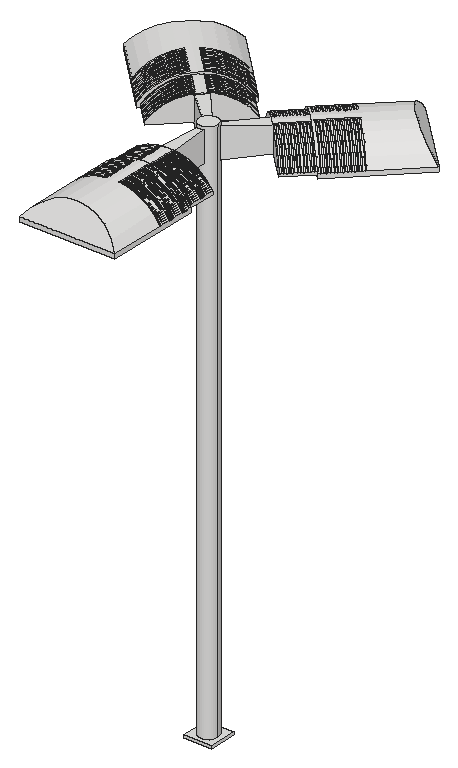
Revit family "ARX25-main", category Lighting Fixtures, host Face, Revit 2012
Parameters (values of type "Platinum Silver")
  Voltage = 120 V
  URL = "http://www.kimlighting.com/"
  Straight Arm [instance] = yes
  Product Page URL = "http://www.kimlighting.com/products/archetype_x_sitearea"
  Product Documentation Link = "http://cdn.kimlighting.com/content/products/specs/specs_files/kl_arx09_lens_spec.pdf"
  Pole Mounting [instance] = ARX25-Pole : 3SY
  Photometry = "http://www.kimlighting.com/design-tools/ies-library/?query=ARX25"
  Model = "ARX25"  # constant formula
  Manufacturer Phone = "(626)-968-5666"  # constant formula
  Manufacturer Fax = "(626)-369-2695"  # constant formula
  Manufacturer = "Kim Lighting"  # constant formula
  Load Classification = Lighting
  Lens [instance] = yes
  Lamp = "150 LED Lamp"  # constant formula
  Height = 10' - 0"
  Glass = Hubbell - Glass
  Finish = Hubbell - Platinum Silver
  Description = "ArcheType X Site/Area"  # constant formula
  Default Elevation = 4' - 0"
  Connector Description = "Lighting Connector"  # constant formula
  Apparent Load = 0 VA
Types (7): name | Straight Arm | Product Documentation Link | Pole Mounting | Finish
  (no name) | yes | "http://cdn.kimlighting.com/content/products/specs/specs_files/kl_arx09_lens_spec.pdf" | ARX25-Pole : 3SY | Hubbell - Platinum Silver
  Black | yes | "http://cdn.kimlighting.com/content/products/specs/specs_files/kl_arx09_lens_spec.pdf" | ARX25-Pole : 3SY | Hubbell - Black
  Dark Bronze | yes | "http://cdn.kimlighting.com/content/products/specs/specs_files/kl_arx09_lens_spec.pdf" | ARX25-Pole : 3ST | Hubbell - Dark Bronze
  Light Gray | yes | "http://cdn.kimlighting.com/content/products/specs/specs_files/kl_arx09_lens_spec.pdf" | ARX25-Pole : 1SA | Hubbell - Light Gray
  Platinum Silver | yes | "http://cdn.kimlighting.com/content/products/specs/specs_files/kl_arx09_lens_spec.pdf" | ARX25-Pole : 3SY | Hubbell - Platinum Silver
  Titanium | yes | "http://cdn.kimlighting.com/content/products/specs/specs_files/kl_arx09_lens_spec.pdf" | ARX25-Pole : 1SA | Hubbell - Titanium
  White | no | "http://cdn.kimlighting.com/content/products/specs/specs_files/kl_arx25_lens_spec.pdf" | ARX25-Pole : 4SC | Hubbell - White
Reference planes (in)
  plane 1 "Center (Front/Back)": y = 0
  plane 2: z = 0
  plane 3 "Center (Left/Right)": x = 0
  plane 4: z = 0.5
  plane 5: z = 120
Dimensions and locks (in)
  locked: host sketch curve to host sketch curve at 48  (x2)
  equal spacing: host sketch curve, plane 3 "Center (Left/Right)", host sketch curve
  equal spacing: host sketch curve, plane 1 "Center (Front/Back)", host sketch curve
  plane 3 "Center (Left/Right)" to host sketch curve = 2' - 0"
  plane 1 "Center (Front/Back)" to host sketch curve = 2' - 0"
  locked: plane 4 to plane 2 at 0.5
  "Height": plane 5 to plane 2
  aligned and locked: plane 2 to host face
  aligned and locked: level to host face
  aligned and locked: nested 1 to plane 3 "Center (Left/Right)"
  aligned and locked: nested 1 to plane 1 "Center (Front/Back)"
Nested families (in)
  nested 1: "ARX25-Pole" at (0, 0, 0), Height <- "Height", type <- "Pole Mounting", Finish <- "Finish", Glass <- "Glass", type "3SY"
    with Height 10' - 0", Glass Hubbell - Glass, Finish Hubbell - Platinum Silver
Connectors (in)
  electrical at (0, 0, 120), driven by "Load Classification", driven by "Voltage", driven by "Apparent Load", driven by "Connector Description"
    settings: on nested 1, index 1, voltage 120 V, apparent load 0 VA, apparent load phase1 0 VA, apparent load phase2 0 VA, apparent load phase3 0 VA, power factor 1, load classification "Lighting", number of poles 1, system type 30, power factor state 1, is connector primary yes, connector utility no, sub classification motor no, connector description "Lighting Connector"
Definition of nested family "ARX25-Pole"
  Parameters (values of type "1SA")
    Voltage = 120 V
    URL = ""
    Straight Arm = no
    Model = ""
    Manufacturer = ""
    Lens = yes
    Lamp-6 = no
    Lamp-5 = no
    Lamp-4 = no
    Lamp-3 = no
    Lamp-2 = no
    Lamp-1 = yes
    Lamp = "LED Lamp"
    Height [instance] = 8' - 0"
    Glass [instance] = Hubbell - Glass
    Finish [instance] = none
    Description = ""
    Default Elevation = 4' - 0"
    Apparent Load = 0 VA
  Types (6): name | Straight Arm | Lamp-6 | Lamp-5 | Lamp-4 | Lamp-3 | Lamp-2 | Lamp-1 | Finish
    1SA | no | no | no | no | no | no | yes | none
    2SB | yes | no | no | no | yes | no | yes | none
    2SL | yes | no | no | no | no | yes | yes | none
    3ST | yes | no | no | no | yes | yes | yes | Hubbell - Black
    3SY | yes | yes | yes | no | yes | no | no | none
    4SC | yes | no | no | yes | yes | yes | yes | none
  Reference planes (in)
    plane 1 "Center (Front/Back)": y = 0
    plane 2: z = 0
    plane 3 "Center (Left/Right)": x = 0
    plane 4: z = 0.5
    plane 5: y = 3
    plane 6: y = -3
    plane 7: x = -3
    plane 8: x = 3
    plane 9: x = 2
    plane 10: x = -2
    plane 11: y = 2
    plane 12: y = -2
    plane 13: z = 96
    plane 14: through (3.52609, 6.35436, 180) normal (0.7071, -0.7071, 0)
    plane 15: through (-3.52609, 6.35436, 180) normal (0.7071, 0.7071, 0)
    plane 16: through (-3.34644, 3.36386, 180) normal (0.7071, 0.7071, 0)
    plane 17: through (3.34644, 3.36386, 180) normal (0.7071, -0.7071, 0)
  Forms (in)
    Extrusion 1, solid
      sketch origin (0, 0, 0) x (1, 0, 0) y (0, 1, 0)
        loop
          line (-24, 24) -> (-24, -24) -> (24, -24) -> (24, 24) -> (-24, 24)
      from 0 to -1.5
    Extrusion 2, solid, material <- "Finish"
      sketch origin (0, 0, 0) x (1, 0, 0) y (0, 1, 0)
        loop
          line (-3, 3) -> (-3, -3) -> (3, -3) -> (3, 3) -> (-3, 3)
      from 0 to 0.5
    Extrusion 3, solid, material <- "Finish"
      sketch origin (0, 0, 0) x (1, 0, 0) y (0, 1, 0)
        loop
          circle (0, 0) r 2
      from 0 to 96
  Cuts and joins
    joined: Extrusion 2, Extrusion 3
  Dimensions and locks (in)
    locked: Extrusion 1 sketch curve to Extrusion 1 sketch curve at 48  (x2)
    equal spacing: Extrusion 1 sketch curve, plane 3 "Center (Left/Right)", Extrusion 1 sketch curve
    equal spacing: Extrusion 1 sketch curve, plane 1 "Center (Front/Back)", Extrusion 1 sketch curve
    plane 3 "Center (Left/Right)" to Extrusion 1 sketch curve = 2' - 0"
    plane 1 "Center (Front/Back)" to Extrusion 1 sketch curve = 2' - 0"
    locked: plane 4 to plane 2 at 0.5
    equal spacing: plane 7, plane 3 "Center (Left/Right)", plane 8
    locked: plane 7 to plane 8 at 6
    equal spacing: plane 5, plane 1 "Center (Front/Back)", plane 6
    locked: plane 5 to plane 6 at 6
    locked: plane 5 to plane 11 at 1
    equal spacing: plane 11, plane 1 "Center (Front/Back)", plane 12
    plane 11 to plane 12 = 0' - 4"
    equal spacing: plane 10, plane 3 "Center (Left/Right)", plane 9
    locked: plane 7 to plane 10 at 1
    "Height": plane 13 to plane 2
    aligned and locked: plane 2 to Extrusion 1
    aligned and locked: level to Extrusion 1
    aligned and locked: Extrusion 2 sketch curve to plane 5
    aligned and locked: plane 7 to Extrusion 2 sketch curve
    aligned and locked: plane 6 to Extrusion 2 sketch curve
    aligned and locked: Extrusion 2 sketch curve to plane 8
    aligned and locked: plane 4 to Extrusion 2
    aligned and locked: plane 13 to Extrusion 3
    aligned and locked: nested 3 to plane 13
    aligned and locked: nested 1 to plane 13
    aligned and locked: nested 2 to plane 13
    aligned and locked: nested 4 to plane 13
    aligned and locked: nested 2 to plane 1 "Center (Front/Back)"
    aligned and locked: nested 4 to plane 1 "Center (Front/Back)"
    aligned and locked: plane 16 to nested 6
    aligned and locked: plane 17 to nested 5
    aligned and locked: nested 6 to plane 13
    aligned and locked: nested 5 to plane 13
  Automatic sketch dimensions
    plane 1 "Center (Front/Back)" to Extrusion 3 sketch curve = 0' - 0"
    Extrusion 3 sketch curve to plane 3 "Center (Left/Right)" = 0' - 0"
    radius of Extrusion 3 sketch curve = 0' - 2"
  Nested families (in)
    nested 1: "ARX25" at (0, 2, 96) x (-1, 0, 0) z (0, 1, 0), visible <- "Lamp-1", type "ARX25"
    nested 2: "ARX25" at (2, 0, 96) x (0, 1, 0) z (1, 0, 0), visible <- "Lamp-2", type "ARX25"
    nested 3: "ARX25" at (-0.17812, -2, 96) x (1, 0, 0) z (0, -1, 0), visible <- "Lamp-3", type "ARX25"
    nested 4: "ARX25" at (-2, 0, 96) x (0, -1, 0) z (-1, 0, 0), visible <- "Lamp-4", type "ARX25"
    nested 5: "ARX25" at (1.40542, 1.42285, 96) x (-0.7071, 0.7071, 0) z (0.7071, 0.7071, 0), visible <- "Lamp-6", type "ARX25"
    nested 6: "ARX25" at (-1.40542, 1.42285, 96) x (-0.7071, -0.7071, 0) z (-0.7071, 0.7071, 0), visible <- "Lamp-5", type "ARX25"
  Definition of nested family "ARX25"
    Parameters (values of type "ARX25")
      Wattage Comments = ""
      Wattage = 9.2903 W
      built-in parameter 1150110 = 1 (stored number, unit not read)
      Voltage = 120 V
      Upswept Arm = not(Straight Arm)  # yes
      URL = ""
      built-in parameter 1114217 = 1 (stored number, unit not read)
      Tilt Angle = -90.00°
      built-in parameter 1150109 = 1 (stored number, unit not read)
      built-in parameter 1150134 = 3
      built-in parameter 1150113 = 1 (stored number, unit not read)
      Straight Arm = no
      Photometric Web File = "arx25d1-3k45.ies"
      Overall Length = if(Straight Arm, 3' 0.1811", 3' 0.45669")  # 3' - 0.45669"
      Model = ""
      Manufacturer = ""
      built-in parameter 1150105 = 109.82 (stored number, unit not read)
      Lumens = 1380 lm
      built-in parameter 1150115 = 1 (stored number, unit not read)
      built-in parameter 1150137 = (empty or 0)
      built-in parameter 1150139 = (empty or 0)
      Lens = yes
      built-in parameter 1150112 = 1 (stored number, unit not read)
      built-in parameter 1150114 = 1 (stored number, unit not read)
      Lamp = "LED"
      built-in parameter 1150132 = (empty or 0)
      built-in parameter 1150102 = (empty or 0)
      built-in parameter 1150107 = 3200 (stored number, unit not read)
      built-in parameter 1150138 = (empty or 0)
      built-in parameter 1150106 = 1.0982 (stored number, unit not read)
      IES FILE LINK = "http://www.kimlighting.com/design-tools/ies-library/?filter[product]=1&filter[fixture]=95"
      Glass Finish = Hubbell - Glass
      Finish = none
      Emit from Rectangle Width = 1' - 7.44882"  # constant formula
      Emit from Rectangle Length = 1' - 7.44882"  # constant formula
      Emit Shape Visible in Rendering = no
      built-in parameter 1150104 = 13.8 (stored number, unit not read)
      Dimming Lamp Color Temperature Shift = (empty or 0)
      Description = ""
      Default Elevation = 0' - 0"
      Color Filter = 16777215
      built-in parameter 1114218 = 1 (stored number, unit not read)
      built-in parameter 1150133 = 10 (stored number, unit not read)
      Apparent Load = 0 VA
    Reference planes (in)
      plane 1 "Center (Front/Back)": y = 0
      plane 2: z = 0
      plane 3 "Center (Left/Right)": x = 0
      plane 4: x = -10.35433
      plane 5: x = 10.35433
      plane 6: z = 36.45669
      plane 7: z = 15.74803
      plane 8: z = 9.13386
      plane 9: y = -6.49606
      plane 10: y = -8.74016
      plane 11: x = -9.72441
      plane 12: x = 9.72441
      plane 13: y = -6.10236
      plane 14: y = -0.3937
      plane 15: z = 26.10236
    Forms (in)
      Extrusion 1, solid
        sketch origin (0, 0, 0) x (1, 0, 0) y (0, 1, 0)
          loop
            line (-48, 48) -> (-48, -48) -> (48, -48) -> (48, 48) -> (-48, 48)
        from 0 to -0.75
      Extrusion 2, solid, material <- "Finish"
        sketch origin (0, 0, 0) x (1, 0, 0) y (0, 1, 0)
          loop
            line (-10.35433, -6.49606) -> (10.35433, -6.49606) -> (10.35433, -5.51181)
            arc (10.35433, -5.51181) -> (0, 0) -> (-10.35433, -5.51181) r 12.48158
            line (-10.35433, -5.51181) -> (-10.35433, -6.49606)
        from 36.45669 to 15.74803
      Extrusion 3, solid, material <- "Finish"
        sketch origin (0, 0, 0) x (1, 0, 0) y (0, 1, 0)
          loop
            line (-9.72441, -6.10236) -> (9.72441, -6.10236) -> (9.72441, -5.51181)
            arc (9.72441, -5.51181) -> (0, -0.3937) -> (-9.72441, -5.51181) r 11.79724
            line (-9.72441, -5.51181) -> (-9.72441, -6.10236)
        from 15.74803 to 9.13386
      Blend 4, solid, material <- "Finish", visible <- "Upswept Arm"
        base sketch origin (0, 0, 0) x (1, 0, 0) y (0, 1, 0)
          loop
            line (-1.42209, -6.10236) -> (1.42209, -6.10236) -> (1.42209, -0.52399)
            arc (1.42209, -0.52399) -> (0, -0.41227) -> (-1.42209, -0.52399) r 9.10668
            line (-1.42209, -0.52399) -> (-1.42209, -6.10236)
        top sketch origin (0, 0, 0) x (1, 0, 0) y (0, 1, 0)
          loop
            line (-0.78753, -1.40418) -> (-0.78753, -8.74016) -> (0.78753, -8.74016) -> (0.78753, -1.40418) -> (-0.78753, -1.40418)
        from 9.13386 to 0
      Extrusion 5, void
        sketch origin (0, 0, 0) x (0, 1, 0) y (0, 0, 1)
          loop
            arc (-0.3937, 9.13386) -> (-1.38353, 4.50671) -> (-2.82571, 0) r 47.83088
            line (-2.82571, 0) -> (-0.3937, 0) -> (-0.3937, 9.13386)
          loop
            line (-6.10236, 9.13386) -> (-8.74016, 9.13386) -> (-8.74016, 0)
            arc (-8.74016, 0) -> (-6.54714, 4.31449) -> (-6.10236, 9.13386) r 12.87263
        from 9.72441 to -9.72441
      Extrusion 6, void
        sketch origin (0, 0, 0) x (0, 1, 0) y (0, 0, 1)
          loop
            line (-5.51181, 36.45669) -> (0, 33.6443) -> (0, 36.45669) -> (-5.51181, 36.45669)
        from 10.35433 to -10.35433
      Sweep 7, void
        path origin (0, 0, 0) x (1, 0, 0) y (0, 1, 0)
          loop
            line (-10.35433, -5.63845) -> (-10.35433, -5.51181)
            arc (-10.35433, -5.51181) -> (-6.43866, -1.78889) -> (-1.31648, -0.06962) r 12.48158
        profile origin (-10.35433, -5.57513, 0) x (-1, 0, 0) y (0, 0, 1)
          loop
            line (0, 21.5442) -> (-0.17345, 21.5442) -> (-0.17345, 21.1505) -> (0, 21.1505) -> (0, 21.5442)
          loop
            line (0, 20.95365) -> (-0.17345, 20.95365) -> (-0.17345, 20.55995) -> (0, 20.55995) -> (0, 20.95365)
          loop
            line (0, 20.3631) -> (-0.17345, 20.3631) -> (-0.17345, 19.9694) -> (0, 19.9694) -> (0, 20.3631)
          loop
            line (0, 19.77255) -> (-0.17345, 19.77255) -> (-0.17345, 19.37885) -> (0, 19.37885) -> (0, 19.77255)
          loop
            line (0, 19.182) -> (-0.17345, 19.182) -> (-0.17345, 18.7883) -> (0, 18.7883) -> (0, 19.182)
          loop
            line (0, 18.59145) -> (-0.17345, 18.59145) -> (-0.17345, 18.19775) -> (0, 18.19775) -> (0, 18.59145)
          loop
            line (0, 18.0009) -> (-0.17345, 18.0009) -> (-0.17345, 17.60719) -> (0, 17.60719) -> (0, 18.0009)
          loop
            line (0, 17.41034) -> (-0.17345, 17.41034) -> (-0.17345, 17.01664) -> (0, 17.01664) -> (0, 17.41034)
          loop
            line (0, 16.81979) -> (-0.17345, 16.81979) -> (-0.17345, 16.42609) -> (0, 16.42609) -> (0, 16.81979)
          loop
            line (0, 16.22924) -> (-0.17345, 16.22924) -> (-0.17345, 15.83554) -> (0, 15.83554) -> (0, 16.22924)
          loop
            line (0, 23.90641) -> (-0.17345, 23.90641) -> (-0.17345, 23.51271) -> (0, 23.51271) -> (0, 23.90641)
          loop
            line (0, 23.31586) -> (-0.17345, 23.31586) -> (-0.17345, 22.92216) -> (0, 22.92216) -> (0, 23.31586)
          loop
            line (0, 22.72531) -> (-0.17345, 22.72531) -> (-0.17345, 22.3316) -> (0, 22.3316) -> (0, 22.72531)
          loop
            line (0, 22.13475) -> (-0.17345, 22.13475) -> (-0.17345, 21.74105) -> (0, 21.74105) -> (0, 22.13475)
      Sweep 8, void
        path origin (0, 0, -3.0744) x (1, 0, 0) y (0, 1, 0)
          loop
            line (-9.72441, -5.63845) -> (-9.72441, -5.51181)
            arc (-9.72441, -5.51181) -> (-5.99058, -2.02788) -> (-1.13422, -0.44835) r 11.79724
        profile origin (-9.72441, -5.57513, -3.0744) x (-1, 0, 0) y (0, 0, 1)
          loop
            line (0, 17.76194) -> (-0.15748, 17.76194) -> (-0.15748, 17.36824) -> (0, 17.36824) -> (0, 17.76194)
          loop
            line (0, 17.17139) -> (-0.15748, 17.17139) -> (-0.15748, 16.77769) -> (0, 16.77769) -> (0, 17.17139)
          loop
            line (0, 16.58084) -> (-0.15748, 16.58084) -> (-0.15748, 16.18714) -> (0, 16.18714) -> (0, 16.58084)
          loop
            line (0, 15.99029) -> (-0.15748, 15.99029) -> (-0.15748, 15.59659) -> (0, 15.59659) -> (0, 15.99029)
          loop
            line (0, 15.39974) -> (-0.15748, 15.39974) -> (-0.15748, 15.00603) -> (0, 15.00603) -> (0, 15.39974)
          loop
            line (0, 14.80918) -> (-0.15748, 14.80918) -> (-0.15748, 14.41548) -> (0, 14.41548) -> (0, 14.80918)
          loop
            line (0, 14.21863) -> (-0.15748, 14.21863) -> (-0.15748, 13.82493) -> (0, 13.82493) -> (0, 14.21863)
          loop
            line (0, 13.62808) -> (-0.15748, 13.62808) -> (-0.15748, 13.23438) -> (0, 13.23438) -> (0, 13.62808)
          loop
            line (0, 13.03753) -> (-0.15748, 13.03753) -> (-0.15748, 12.64383) -> (0, 12.64383) -> (0, 13.03753)
          loop
            line (0, 12.44698) -> (-0.15748, 12.44698) -> (-0.15748, 12.05328) -> (0, 12.05328) -> (0, 12.44698)
          loop
            line (0, 18.35249) -> (-0.15748, 18.35249) -> (-0.15748, 17.95879) -> (0, 17.95879) -> (0, 18.35249)
      Extrusion 9, void
        sketch origin (0, 0, 0) x (1, 0, 0) y (0, 0, 1)
          loop
            line (-9.72441, 35.95838) -> (-9.72441, 16.24634) -> (9.72441, 16.24634) -> (9.72441, 35.95838) -> (-9.72441, 35.95838)
        from 5.86614 to 6.49606
      Extrusion 10, solid, material "Hubbell - Glass" <- "Glass Finish", visible <- "Lens"
        sketch origin (0, 0, 0) x (0, 1, 0) y (0, 0, 1)
          loop
            line (-5.86614, 35.95838) -> (-6.10236, 35.95838) -> (-6.10236, 16.24634) -> (-5.86614, 16.24634) -> (-5.86614, 35.95838)
        from -9.72441 to 9.72441
      Blend 11, solid, material <- "Finish", visible <- "Straight Arm"
        base sketch origin (0, 0, 0) x (1, 0, 0) y (0, 1, 0)
          loop
            line (-1.42209, -0.59055) -> (-1.42209, -6.10236) -> (1.42209, -6.10236) -> (1.42209, -0.59055) -> (-1.42209, -0.59055)
        top sketch origin (0, 0, 0) x (1, 0, 0) y (0, 1, 0)
          loop
            line (-0.78745, -7.08661) -> (0.78735, -7.08661) -> (0.78735, -0.59055) -> (-0.78745, -0.59055) -> (-0.78745, -7.08661)
        from 9.13386 to 0
      Sweep 12, void
        path origin (0, 0, 0) x (-1, 0, 0) y (0, 1, 0)
          loop
            line (-10.35433, -5.63845) -> (-10.35433, -5.51181)
            arc (-10.35433, -5.51181) -> (-6.43866, -1.78889) -> (-1.31648, -0.06962) r 12.48158
        profile origin (10.35433, -5.57513, 0) x (-1, 0, 0) y (0, 0, 1)
          loop
            line (0, 21.5442) -> (0, 21.1505) -> (0.17345, 21.1505) -> (0.17345, 21.5442) -> (0, 21.5442)
          loop
            line (0, 20.95365) -> (0, 20.55995) -> (0.17345, 20.55995) -> (0.17345, 20.95365) -> (0, 20.95365)
          loop
            line (0, 20.3631) -> (0, 19.9694) -> (0.17345, 19.9694) -> (0.17345, 20.3631) -> (0, 20.3631)
          loop
            line (0, 19.77255) -> (0, 19.37885) -> (0.17345, 19.37885) -> (0.17345, 19.77255) -> (0, 19.77255)
          loop
            line (0, 19.182) -> (0, 18.7883) -> (0.17345, 18.7883) -> (0.17345, 19.182) -> (0, 19.182)
          loop
            line (0, 18.59145) -> (0, 18.19775) -> (0.17345, 18.19775) -> (0.17345, 18.59145) -> (0, 18.59145)
          loop
            line (0, 18.0009) -> (0, 17.60719) -> (0.17345, 17.60719) -> (0.17345, 18.0009) -> (0, 18.0009)
          loop
            line (0, 17.41034) -> (0, 17.01664) -> (0.17345, 17.01664) -> (0.17345, 17.41034) -> (0, 17.41034)
          loop
            line (0, 16.81979) -> (0, 16.42609) -> (0.17345, 16.42609) -> (0.17345, 16.81979) -> (0, 16.81979)
          loop
            line (0, 16.22924) -> (0, 15.83554) -> (0.17345, 15.83554) -> (0.17345, 16.22924) -> (0, 16.22924)
          loop
            line (0, 23.90641) -> (0, 23.51271) -> (0.17345, 23.51271) -> (0.17345, 23.90641) -> (0, 23.90641)
          loop
            line (0, 23.31586) -> (0, 22.92216) -> (0.17345, 22.92216) -> (0.17345, 23.31586) -> (0, 23.31586)
          loop
            line (0, 22.72531) -> (0, 22.3316) -> (0.17345, 22.3316) -> (0.17345, 22.72531) -> (0, 22.72531)
          loop
            line (0, 22.13475) -> (0, 21.74105) -> (0.17345, 21.74105) -> (0.17345, 22.13475) -> (0, 22.13475)
      Sweep 13, void
        path origin (0, 0, -3.0744) x (-1, 0, 0) y (0, -1, 0)
          loop
            line (-9.72441, 5.63845) -> (-9.72441, 5.51181)
            arc (-9.72441, 5.51181) -> (-5.99058, 2.02788) -> (-1.13422, 0.44835) r 11.79724
        profile origin (9.72441, -5.57513, -3.0744) x (-1, 0, 0) y (0, 0, 1)
          loop
            line (0, 17.76194) -> (0, 17.36824) -> (0.15748, 17.36824) -> (0.15748, 17.76194) -> (0, 17.76194)
          loop
            line (0, 17.17139) -> (0, 16.77769) -> (0.15748, 16.77769) -> (0.15748, 17.17139) -> (0, 17.17139)
          loop
            line (0, 16.58084) -> (0, 16.18714) -> (0.15748, 16.18714) -> (0.15748, 16.58084) -> (0, 16.58084)
          loop
            line (0, 15.99029) -> (0, 15.59659) -> (0.15748, 15.59659) -> (0.15748, 15.99029) -> (0, 15.99029)
          loop
            line (0, 15.39974) -> (0, 15.00603) -> (0.15748, 15.00603) -> (0.15748, 15.39974) -> (0, 15.39974)
          loop
            line (0, 14.80918) -> (0, 14.41548) -> (0.15748, 14.41548) -> (0.15748, 14.80918) -> (0, 14.80918)
          loop
            line (0, 14.21863) -> (0, 13.82493) -> (0.15748, 13.82493) -> (0.15748, 14.21863) -> (0, 14.21863)
          loop
            line (0, 13.62808) -> (0, 13.23438) -> (0.15748, 13.23438) -> (0.15748, 13.62808) -> (0, 13.62808)
          loop
            line (0, 13.03753) -> (0, 12.64383) -> (0.15748, 12.64383) -> (0.15748, 13.03753) -> (0, 13.03753)
          loop
            line (0, 12.44698) -> (0, 12.05328) -> (0.15748, 12.05328) -> (0.15748, 12.44698) -> (0, 12.44698)
          loop
            line (0, 18.35249) -> (0, 17.95879) -> (0.15748, 17.95879) -> (0.15748, 18.35249) -> (0, 18.35249)
    Cuts and joins
      Extrusion 5 cuts Blend 4
      Extrusion 6, Sweep 7, Sweep 8, Extrusion 9, Sweep 12 cuts Extrusion 2
      Sweep 8, Sweep 13 cuts Extrusion 3
    Dimensions and locks (in)
      equal spacing: plane 5, plane 3 "Center (Left/Right)", plane 4
      plane 3 "Center (Left/Right)" to plane 4 = 0' - 10.35433"
      "Overall Length": plane 6 to plane 2
      locked: plane 6 to plane 7 at 20.70866
      locked: plane 7 to plane 8 at 6.61417
      plane 1 "Center (Front/Back)" to plane 9 = 0' - 6.49606"
      plane 1 "Center (Front/Back)" to plane 10 = 0' - 8.74016"
      equal spacing: plane 12, plane 3 "Center (Left/Right)", plane 11
      plane 3 "Center (Left/Right)" to plane 11 = 0' - 9.72441"
      equal spacing: Blend 4 sketch curve, plane 3 "Center (Left/Right)", Blend 4 sketch curve  (x2)
      equal spacing: plane 6, plane 15, plane 7
      plane 13 to plane 9 = 0' - 0.3937"
      plane 5 to plane 4 = 1' - 8.70866"
      plane 12 to plane 11 = 1' - 7.44882"
      Extrusion 10 sketch curve to plane 15 = 0' - 9.85602"
      aligned and locked: plane 6 to Extrusion 2
      aligned and locked: plane 7 to Extrusion 3
      aligned and locked: Extrusion 3 to plane 8
      aligned and locked: plane 12 to Extrusion 5
      aligned and locked: Extrusion 5 to plane 11
      aligned and locked: Extrusion 6 to plane 4
      aligned and locked: plane 5 to Extrusion 6
      aligned and locked: Extrusion 10 to plane 11
      aligned and locked: plane 12 to Extrusion 10
      aligned and locked: Blend 11 to level
      aligned and locked: plane 8 to Blend 11
      aligned and locked: Extrusion 2 to plane 7
      aligned and locked: Blend 11 to cut or joined group of Blend 4, Extrusion 5
    Automatic sketch dimensions
      Extrusion 1 sketch curve to Extrusion 1 sketch curve = 8' - 0"  (x2)
      Extrusion 2 sketch curve to plane 4 = 0' - 0"
      Extrusion 2 sketch curve to plane 3 "Center (Left/Right)" = 0' - 0"
      Extrusion 2 sketch curve to plane 5 = 0' - 0"
      plane 9 to Extrusion 2 sketch curve = 0' - 0"
      plane 10 to Extrusion 2 sketch curve = 0' - 3.74142"
      Extrusion 2 sketch curve to plane 13 = 0' - 0.59055"
      Extrusion 3 sketch curve to plane 11 = 0' - 0"
      Extrusion 3 sketch curve to plane 3 "Center (Left/Right)" = 0' - 0"
      Extrusion 3 sketch curve to plane 12 = 0' - 0"
      plane 13 to Extrusion 3 sketch curve = 0' - 0"
      plane 10 to Extrusion 3 sketch curve = 0' - 3.45079"
      Extrusion 3 sketch curve to plane 13 = 0' - 0.59055"
      plane 13 to Blend 4 sketch curve = 0' - 0"
      Blend 4 sketch curve to plane 3 "Center (Left/Right)" = 0' - 0"
      Blend 4 sketch curve to plane 3 "Center (Left/Right)" = 0' - 1.42209"
      plane 10 to Blend 4 sketch curve = 0' - 0.77879"
      plane 14 to Blend 4 sketch curve = 0' - 0.13029"
      plane 10 to Blend 4 sketch curve = 0' - 0"
      Blend 4 sketch curve to plane 3 "Center (Left/Right)" = 0' - 0.78753"
      plane 14 to Blend 4 sketch curve = 0' - 1.01048"
      Extrusion 5 sketch curve to level = 0' - 0"  (x2)
      Extrusion 5 sketch curve to plane 10 = 0' - 0"
      Extrusion 5 sketch curve to plane 8 = 0' - 0"  (x2)
      Extrusion 5 sketch curve to plane 13 = 0' - 0"
      Extrusion 5 sketch curve to plane 14 = 0' - 0"
      Extrusion 5 sketch curve to plane 8 = 0' - 1.2478"
      plane 7 to Extrusion 5 sketch curve = 0' - 1.0655"
      Extrusion 5 sketch curve to Extrusion 5 sketch curve = 2' - 4.68966"
      Extrusion 6 sketch curve to plane 6 = 0' - 0"
      Extrusion 6 sketch curve to plane 1 "Center (Front/Back)" = 0' - 0"
      Extrusion 6 sketch curve to plane 13 = 0' - 0.59055"
      Extrusion 6 sketch curve to Extrusion 6 sketch curve = 0' - 2.8124"
      Sweep 7 sketch curve to plane 4 = 0' - 0"
      Sweep 7 sketch curve to plane 3 "Center (Left/Right)" = 0' - 0"
      plane 1 "Center (Front/Back)" to Sweep 7 sketch curve = 0' - 0.06962"
      Sweep 7 sketch curve to plane 3 "Center (Left/Right)" = 0' - 1.31648"
      Sweep 7 sketch curve to plane 9 = 0' - 0.98425"
      Sweep 7 sketch curve to Sweep 7 sketch curve = 0' - 0.12664"
      Sweep 7 sketch curve to profile plane = 0' - 0"  (x14)
      profile plane to Sweep 7 sketch curve = 0' - 0.17345"  (x14)
      level to Sweep 7 sketch curve = 1' - 3.83554"
      Sweep 7 sketch curve to Sweep 7 sketch curve = 0' - 0.3937"  (x14)
      Sweep 7 sketch curve to Sweep 7 sketch curve = 0' - 0.19685"  (x13)
      Sweep 8 sketch curve to plane 11 = 0' - 0"
      Sweep 8 sketch curve to plane 3 "Center (Left/Right)" = 0' - 0"
      plane 14 to Sweep 8 sketch curve = 0' - 0.05465"
      Sweep 8 sketch curve to plane 3 "Center (Left/Right)" = 0' - 1.13422"
      Sweep 8 sketch curve to plane 9 = 0' - 0.98425"
      Sweep 8 sketch curve to Sweep 8 sketch curve = 0' - 0.12664"
      Sweep 8 sketch curve to profile plane = 0' - 0"  (x11)
      Sweep 8 sketch curve to Sweep 8 sketch curve = 0' - 0.15748"
      profile plane to Sweep 8 sketch curve = 0' - 0.15748"  (x10)
      profile plane to Sweep 8 sketch curve = 1' - 0.05328"
      Sweep 8 sketch curve to Sweep 8 sketch curve = 0' - 0.3937"  (x11)
      Sweep 8 sketch curve to Sweep 8 sketch curve = 0' - 0.19685"  (x10)
      Extrusion 9 sketch curve to plane 11 = 0' - 0"
      Extrusion 9 sketch curve to plane 12 = 0' - 0"
      plane 7 to Extrusion 9 sketch curve = 0' - 0.49831"
      Extrusion 9 sketch curve to plane 6 = 0' - 0.49831"
      Extrusion 10 sketch curve to plane 13 = 0' - 0"
      Extrusion 10 sketch curve to Extrusion 10 sketch curve = 0' - 0.23622"
      plane 7 to Extrusion 10 sketch curve = 0' - 0.49831"
      Extrusion 10 sketch curve to plane 6 = 0' - 0.49831"
      plane 13 to Blend 11 sketch curve = 0' - 0"
      Blend 11 sketch curve to plane 3 "Center (Left/Right)" = 0' - 1.42209"
      plane 3 "Center (Left/Right)" to Blend 11 sketch curve = 0' - 1.42209"
      plane 14 to Blend 11 sketch curve = 0' - 0.19685"  (x2)
      Blend 11 sketch curve to plane 3 "Center (Left/Right)" = 0' - 0.78745"
      plane 3 "Center (Left/Right)" to Blend 11 sketch curve = 0' - 0.78735"
      plane 9 to Blend 11 sketch curve = 0' - 0.59055"
      Sweep 12 sketch curve to plane 5 = 0' - 0"
      Sweep 12 sketch curve to plane 3 "Center (Left/Right)" = 0' - 0"
      Sweep 12 sketch curve to plane 1 "Center (Front/Back)" = 0' - 0.06962"
      Sweep 12 sketch curve to plane 3 "Center (Left/Right)" = 0' - 1.31648"
      plane 9 to Sweep 12 sketch curve = 0' - 0.98425"
      Sweep 12 sketch curve to Sweep 12 sketch curve = 0' - 0.12664"
      Sweep 12 sketch curve to profile plane = 0' - 0"  (x14)
      Sweep 12 sketch curve to profile plane = 0' - 0.17345"  (x14)
      level to Sweep 12 sketch curve = 1' - 3.83554"
      Sweep 12 sketch curve to Sweep 12 sketch curve = 0' - 0.3937"  (x14)
      Sweep 12 sketch curve to Sweep 12 sketch curve = 0' - 0.19685"  (x13)
      Sweep 13 sketch curve to plane 12 = 0' - 0"
      Sweep 13 sketch curve to plane 3 "Center (Left/Right)" = 0' - 0"
      plane 14 to Sweep 13 sketch curve = 0' - 0.05465"
      plane 3 "Center (Left/Right)" to Sweep 13 sketch curve = 0' - 1.13422"
      Sweep 13 sketch curve to plane 9 = 0' - 0.98425"
      Sweep 13 sketch curve to Sweep 13 sketch curve = 0' - 0.12664"
      Sweep 13 sketch curve to profile plane = 0' - 0"  (x11)
      Sweep 13 sketch curve to Sweep 13 sketch curve = 0' - 0.15748"  (x10)
      Sweep 13 sketch curve to profile plane = 0' - 0.15748"
      profile plane to Sweep 13 sketch curve = 1' - 0.05328"
      Sweep 13 sketch curve to Sweep 13 sketch curve = 0' - 0.3937"  (x11)
      Sweep 13 sketch curve to Sweep 13 sketch curve = 0' - 0.19685"  (x10)
